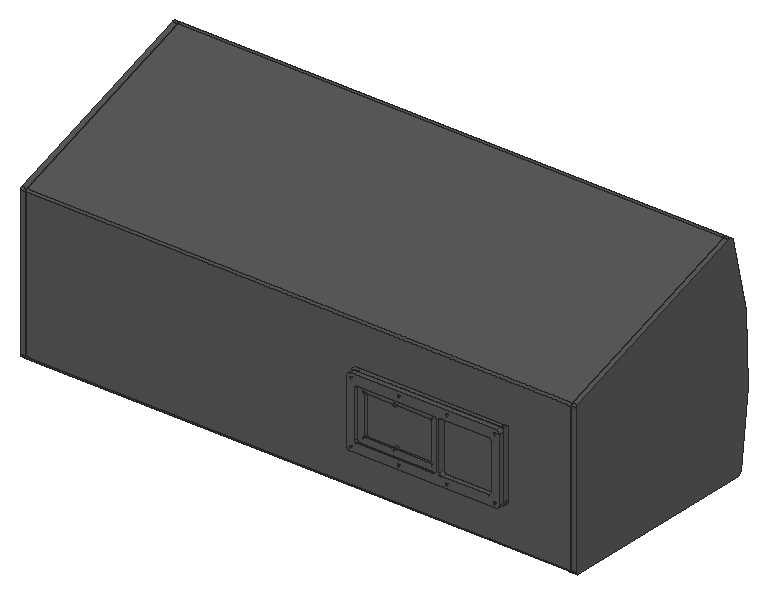
Revit family "EVU-2062", category Communication Devices, Revit 2017 (continued)
Definition of nested family "InputPanel_small"
  Lines and regions (mm)
    model lines, not visible
      curve 384: line (58.11, -9.5, 62.1) -> (58.569, -9.5, 62.938)
      curve 385: line (58.569, -9.5, 62.938) -> (58.729, -9.5, 63.926)
      curve 386: line (58.729, -9.5, 63.926) -> (58.568, -9.5, 64.914)
      curve 387: line (58.568, -9.5, 64.914) -> (58.11, -9.5, 65.752)
      curve 388: line (58.11, -9.5, 65.752) -> (57.423, -9.5, 66.311)
      curve 389: line (57.423, -9.5, 66.311) -> (56.614, -9.5, 66.508)
      curve 390: line (56.614, -9.5, 66.508) -> (55.805, -9.5, 66.311)
      curve 391: line (55.805, -9.5, 66.311) -> (55.118, -9.5, 65.751)
      curve 392: line (55.118, -9.5, 65.751) -> (54.664, -9.5, 64.92)
      curve 393: line (54.66, -9.5, 64.914) -> (54.376, -9.5, 63.925)
      curve 394: line (54.376, -9.5, 63.925) -> (53.684, -9.5, 63.925)
      curve 395: line (53.684, -9.5, 63.925) -> (51.566, -9.5, 63.925)
      curve 396: line (51.566, -9.5, 63.925) -> (51.567, -9.5, 70.15)
      curve 397: line (54.497, -9.5, 82.844) -> (54.658, -9.5, 81.856)
      curve 398: line (54.658, -9.5, 81.856) -> (55.117, -9.5, 81.019)
      curve 399: line (55.117, -9.5, 81.019) -> (55.803, -9.5, 80.459)
      curve 400: line (55.803, -9.5, 80.459) -> (56.612, -9.5, 80.263)
      curve 401: line (56.612, -9.5, 80.263) -> (57.422, -9.5, 80.459)
      curve 402: line (57.422, -9.5, 80.459) -> (58.108, -9.5, 81.019)
      curve 403: line (58.108, -9.5, 81.019) -> (58.566, -9.5, 81.857)
      curve 404: line (58.566, -9.5, 81.857) -> (58.727, -9.5, 82.845)
      curve 405: line (58.727, -9.5, 82.845) -> (58.566, -9.5, 83.833)
      curve 406: line (58.566, -9.5, 83.833) -> (58.107, -9.5, 84.671)
      curve 407: line (58.107, -9.5, 84.671) -> (57.421, -9.5, 85.23)
      curve 408: line (57.421, -9.5, 85.23) -> (56.612, -9.5, 85.427)
      curve 409: line (56.612, -9.5, 85.427) -> (55.802, -9.5, 85.23)
      curve 410: line (55.802, -9.5, 85.23) -> (55.116, -9.5, 84.67)
      curve 411: line (55.116, -9.5, 84.67) -> (54.661, -9.5, 83.839)
      curve 412: line (54.658, -9.5, 83.833) -> (54.374, -9.5, 82.844)
      curve 413: line (54.374, -9.5, 82.844) -> (53.682, -9.5, 82.844)
      curve 414: line (53.682, -9.5, 82.844) -> (51.565, -9.5, 82.844)
      curve 415: line (51.565, -9.5, 82.844) -> (51.565, -9.5, 85.997)
      curve 416: line (54.498, -9.5, 70.232) -> (54.66, -9.5, 69.244)
      curve 417: line (54.66, -9.5, 69.244) -> (55.118, -9.5, 68.406)
      curve 418: line (55.118, -9.5, 68.406) -> (55.804, -9.5, 67.846)
      curve 419: line (55.804, -9.5, 67.846) -> (56.614, -9.5, 67.65)
      curve 420: line (56.614, -9.5, 67.65) -> (57.423, -9.5, 67.847)
      curve 421: line (57.423, -9.5, 67.847) -> (58.109, -9.5, 68.406)
      curve 422: line (58.109, -9.5, 68.406) -> (58.568, -9.5, 69.244)
      curve 423: line (58.568, -9.5, 69.244) -> (58.729, -9.5, 70.232)
      curve 424: line (58.729, -9.5, 70.232) -> (58.568, -9.5, 71.22)
      curve 425: line (58.568, -9.5, 71.22) -> (58.109, -9.5, 72.058)
      curve 426: line (58.109, -9.5, 72.058) -> (57.423, -9.5, 72.618)
      curve 427: line (57.423, -9.5, 72.618) -> (56.613, -9.5, 72.814)
      curve 428: line (56.613, -9.5, 72.814) -> (55.804, -9.5, 72.617)
      curve 429: line (55.804, -9.5, 72.617) -> (55.118, -9.5, 72.058)
      curve 430: line (55.118, -9.5, 72.058) -> (54.663, -9.5, 71.227)
      curve 431: line (54.659, -9.5, 71.22) -> (54.376, -9.5, 70.232)
      curve 432: line (54.376, -9.5, 70.232) -> (53.684, -9.5, 70.232)
      curve 433: line (53.684, -9.5, 70.232) -> (51.566, -9.5, 70.231)
      curve 434: line (51.566, -9.5, 70.231) -> (51.567, -9.5, 76.427)
      curve 435: line (57.428, -9.5, 60.773) -> (57.64, -9.5, 60.773)
      curve 436: line (57.64, -9.5, 60.773) -> (57.64, -9.5, 61.116)
      curve 437: line (57.561, -9.5, 61.254) -> (57.428, -9.5, 61.38)
      curve 438: line (57.428, -9.5, 61.38) -> (57.428, -9.5, 60.773)
      curve 439: line (57.428, -9.5, 60.773) -> (55.801, -9.5, 60.772)
      curve 440: line (55.801, -9.5, 60.772) -> (55.801, -9.5, 61.379)
      curve 441: line (55.8, -9.5, 67.687) -> (55.8, -9.5, 66.472)
      curve 442: line (55.8, -9.5, 73.992) -> (55.8, -9.5, 72.777)
      curve 443: line (55.799, -9.5, 80.299) -> (55.799, -9.5, 79.084)
      curve 444: line (57.425, -9.5, 85.998) -> (57.637, -9.5, 85.998)
      curve 445: line (57.637, -9.5, 85.998) -> (57.637, -9.5, 85.632)
      curve 446: line (57.558, -9.5, 85.516) -> (57.425, -9.5, 85.39)
      curve 447: line (57.425, -9.5, 85.39) -> (57.425, -9.5, 85.998)
      curve 448: line (57.425, -9.5, 85.998) -> (55.798, -9.5, 85.998)
      curve 449: line (55.798, -9.5, 85.998) -> (55.798, -9.5, 85.39)
      curve 450: line (57.638, -9.5, 80.036) -> (57.634, -9.5, 79.358)
      curve 451: line (57.559, -9.5, 79.211) -> (57.426, -9.5, 79.085)
      curve 452: line (57.426, -9.5, 79.085) -> (57.426, -9.5, 80.3)
      curve 453: line (57.426, -9.5, 80.3) -> (57.559, -9.5, 80.173)
      curve 454: line (57.427, -9.5, 73.992) -> (57.427, -9.5, 72.777)
      curve 455: line (57.427, -9.5, 72.777) -> (57.56, -9.5, 72.903)
      curve 456: line (57.638, -9.5, 73.019) -> (57.638, -9.5, 73.728)
      curve 457: line (57.56, -9.5, 73.866) -> (57.427, -9.5, 73.992)
      curve 458: line (57.639, -9.5, 67.423) -> (57.636, -9.5, 66.745)
      curve 459: line (57.561, -9.5, 66.598) -> (57.428, -9.5, 66.472)
      curve 460: line (57.428, -9.5, 66.472) -> (57.427, -9.5, 67.687)
      curve 461: line (57.427, -9.5, 67.687) -> (57.561, -9.5, 67.561)
      curve 462: line (52.991, -9.5, 73.096) -> (55.108, -9.5, 73.096)
      curve 463: line (55.108, -9.5, 73.096) -> (55.108, -9.5, 73.673)
      curve 464: line (55.108, -9.5, 73.673) -> (52.991, -9.5, 73.672)
      curve 465: line (52.991, -9.5, 73.672) -> (52.991, -9.5, 73.096)
      curve 466: line (52.99, -9.5, 79.403) -> (52.99, -9.5, 79.98)
      curve 467: line (52.99, -9.5, 79.98) -> (55.107, -9.5, 79.98)
      curve 468: line (55.107, -9.5, 79.98) -> (55.107, -9.5, 79.404)
      curve 469: line (55.107, -9.5, 79.404) -> (52.99, -9.5, 79.403)
      curve 470: line (52.991, -9.5, 66.791) -> (52.991, -9.5, 67.367)
      curve 471: line (52.991, -9.5, 67.367) -> (55.109, -9.5, 67.367)
      curve 472: line (55.109, -9.5, 67.367) -> (55.109, -9.5, 66.791)
      curve 473: line (55.109, -9.5, 66.791) -> (52.991, -9.5, 66.791)
      curve 474: line (55.107, -9.5, 85.998) -> (52.989, -9.5, 85.997)
      curve 475: line (52.989, -9.5, 85.997) -> (52.989, -9.5, 85.709)
      curve 476: line (52.989, -9.5, 85.709) -> (55.107, -9.5, 85.709)
      curve 477: line (55.107, -9.5, 85.709) -> (55.107, -9.5, 85.998)
      curve 478: line (55.107, -9.5, 85.998) -> (55.798, -9.5, 85.998)
      curve 479: line (55.801, -9.5, 60.772) -> (55.11, -9.5, 60.772)
      curve 480: line (55.11, -9.5, 60.772) -> (55.11, -9.5, 61.06)
      curve 481: line (55.11, -9.5, 61.06) -> (52.992, -9.5, 61.06)
      curve 482: line (52.992, -9.5, 61.06) -> (52.992, -9.5, 60.772)
      curve 483: line (52.992, -9.5, 60.772) -> (55.11, -9.5, 60.772)
      curve 484: line (54.504, -9.5, 76.743) -> (56.298, -9.5, 74.554)
      curve 485: line (56.298, -9.5, 74.554) -> (55.807, -9.5, 74.222)
      curve 486: line (54.503, -9.5, 83.049) -> (56.297, -9.5, 80.86)
      curve 487: line (56.297, -9.5, 80.86) -> (55.806, -9.5, 80.528)
      curve 488: line (54.531, -9.5, 76.998) -> (56.131, -9.5, 75.046)
      curve 489: line (56.131, -9.5, 75.046) -> (56.7, -9.5, 75.046)
      curve 490: line (56.7, -9.5, 75.046) -> (54.662, -9.5, 77.533)
      curve 491: line (54.531, -9.5, 83.304) -> (56.13, -9.5, 81.352)
      curve 492: line (56.13, -9.5, 81.352) -> (56.699, -9.5, 81.352)
      curve 493: line (56.699, -9.5, 81.352) -> (54.661, -9.5, 83.839)
      curve 494: line (54.505, -9.5, 70.437) -> (56.298, -9.5, 68.248)
      curve 495: line (56.298, -9.5, 68.248) -> (55.807, -9.5, 67.915)
      curve 496: line (54.506, -9.5, 64.13) -> (56.299, -9.5, 61.942)
      curve 497: line (56.299, -9.5, 61.942) -> (55.808, -9.5, 61.609)
      curve 498: line (54.533, -9.5, 64.385) -> (56.132, -9.5, 62.433)
      curve 499: line (56.132, -9.5, 62.433) -> (56.702, -9.5, 62.433)
      curve 500: line (56.702, -9.5, 62.433) -> (54.664, -9.5, 64.92)
      curve 501: line (54.532, -9.5, 70.691) -> (56.131, -9.5, 68.739)
      curve 502: line (56.131, -9.5, 68.739) -> (56.701, -9.5, 68.739)
      curve 503: line (56.701, -9.5, 68.739) -> (54.663, -9.5, 71.227)
      curve 504: line (51.568, -9.5, 63.815) -> (51.568, -9.5, 60.772)
      curve 505: line (51.568, -9.5, 60.772) -> (46.145, -9.5, 60.771)
      curve 506: line (46.145, -9.5, 60.771) -> (46.141, -9.5, 85.996)
      curve 507: line (46.141, -9.5, 85.996) -> (51.565, -9.5, 85.997)
      curve 508: line (51.565, -9.5, 85.997) -> (52.989, -9.5, 85.997)
      curve 509: line (52.989, -9.5, 85.997) -> (49.876, -9.5, 86.125)
      curve 510: line (49.876, -9.5, 86.125) -> (49.754, -9.5, 86.302)
      curve 511: line (52.992, -9.5, 60.772) -> (51.568, -9.5, 60.772)
      curve 512: line (45.361, -9.5, 79.392) -> (45.362, -9.5, 73.88)
      curve 513: line (45.362, -9.5, 73.88) -> (41.147, -9.5, 73.88)
      curve 514: line (41.147, -9.5, 73.88) -> (41.146, -9.5, 79.392)
      curve 515: line (41.146, -9.5, 79.392) -> (45.361, -9.5, 79.392)
      curve 516: line (41.146, -9.5, 79.988) -> (41.145, -9.5, 85.499)
      curve 517: line (41.145, -9.5, 85.499) -> (45.36, -9.5, 85.5)
      curve 518: line (45.36, -9.5, 85.5) -> (45.361, -9.5, 79.988)
      curve 519: line (45.361, -9.5, 79.988) -> (41.146, -9.5, 79.988)
      curve 520: line (45.819, -9.5, 60.771) -> (45.816, -9.5, 85.996)
      curve 521: line (45.816, -9.5, 85.996) -> (40.689, -9.5, 85.996)
      curve 522: line (40.689, -9.5, 85.996) -> (40.692, -9.5, 60.771)
      curve 523: line (40.692, -9.5, 60.771) -> (45.819, -9.5, 60.771)
      curve 524: line (45.819, -9.5, 60.771) -> (46.145, -9.5, 60.771)
      curve 525: line (45.363, -9.5, 66.78) -> (45.363, -9.5, 61.268)
      curve 526: line (45.363, -9.5, 61.268) -> (41.148, -9.5, 61.267)
      curve 527: line (41.148, -9.5, 61.267) -> (41.147, -9.5, 66.779)
      curve 528: line (41.147, -9.5, 66.779) -> (45.363, -9.5, 66.78)
      curve 529: line (41.147, -9.5, 67.375) -> (41.147, -9.5, 72.887)
      curve 530: line (41.147, -9.5, 72.887) -> (45.362, -9.5, 72.887)
      curve 531: line (45.362, -9.5, 72.887) -> (45.363, -9.5, 67.375)
      curve 532: line (45.363, -9.5, 67.375) -> (41.147, -9.5, 67.375)
      curve 533: line (45.816, -9.5, 85.996) -> (46.141, -9.5, 85.996)
      curve 534: line (46.141, -9.5, 85.996) -> (42.88, -9.5, 86.124)
      curve 535: line (42.88, -9.5, 86.124) -> (42.758, -9.5, 86.301)
      curve 536: line (42.758, -9.5, 86.301) -> (45.891, -9.5, 86.301)
      curve 537: line (45.891, -9.5, 86.301) -> (46.013, -9.5, 86.124)
      curve 538: line (45.361, -9.5, 78.225) -> (43.953, -9.5, 78.225)
      curve 539: line (43.953, -9.5, 78.225) -> (43.627, -9.5, 78.913)
      curve 540: line (43.627, -9.5, 78.913) -> (43.242, -9.5, 79.392)
      curve 541: line (45.363, -9.5, 65.613) -> (43.954, -9.5, 65.612)
      curve 542: line (43.954, -9.5, 65.612) -> (43.629, -9.5, 66.3)
      curve 543: line (43.629, -9.5, 66.3) -> (43.244, -9.5, 66.779)
      curve 544: line (45.362, -9.5, 68.542) -> (43.954, -9.5, 68.542)
      curve 545: line (43.954, -9.5, 68.542) -> (43.629, -9.5, 67.854)
      curve 546: line (43.629, -9.5, 67.854) -> (43.244, -9.5, 67.375)
      curve 547: line (45.361, -9.5, 81.155) -> (43.952, -9.5, 81.155)
      curve 548: line (43.952, -9.5, 81.155) -> (43.627, -9.5, 80.467)
      curve 549: line (43.627, -9.5, 80.467) -> (43.242, -9.5, 79.988)
      curve 550: line (45.362, -9.5, 71.919) -> (43.954, -9.5, 71.919)
      curve 551: line (43.954, -9.5, 71.919) -> (43.628, -9.5, 72.607)
      curve 552: line (43.628, -9.5, 72.607) -> (43.403, -9.5, 72.887)
      curve 553: line (45.361, -9.5, 84.532) -> (43.952, -9.5, 84.531)
      curve 554: line (43.952, -9.5, 84.531) -> (43.627, -9.5, 85.219)
      curve 555: line (43.627, -9.5, 85.219) -> (43.401, -9.5, 85.5)
      curve 556: line (45.362, -9.5, 74.849) -> (43.953, -9.5, 74.848)
      curve 557: line (43.953, -9.5, 74.848) -> (43.628, -9.5, 74.16)
      curve 558: line (43.403, -9.5, 73.88) -> (43.628, -9.5, 74.16)
      curve 559: line (43.628, -9.5, 74.16) -> (43.627, -9.5, 78.913)
      curve 560: line (45.363, -9.5, 62.236) -> (43.955, -9.5, 62.236)
      curve 561: line (43.955, -9.5, 62.236) -> (43.629, -9.5, 61.548)
      curve 562: line (43.629, -9.5, 61.548) -> (43.629, -9.5, 66.3)
      curve 563: line (43.404, -9.5, 61.267) -> (43.629, -9.5, 61.548)
      curve 564: line (43.954, -9.5, 68.542) -> (43.954, -9.5, 71.919)
      curve 565: line (43.952, -9.5, 81.155) -> (43.952, -9.5, 84.531)
      curve 566: line (43.954, -9.5, 65.612) -> (43.955, -9.5, 62.236)
      curve 567: line (43.953, -9.5, 78.225) -> (43.953, -9.5, 74.848)
      curve 568: line (45.891, -9.5, 86.301) -> (45.891, -9.5, 86.563)
      curve 569: line (45.891, -9.5, 86.563) -> (42.758, -9.5, 86.562)
      curve 570: line (42.758, -9.5, 86.562) -> (42.758, -9.5, 86.301)
      curve 571: line (45.891, -9.5, 86.563) -> (46.472, -9.5, 86.563)
      curve 572: line (46.472, -9.5, 86.563) -> (46.472, -9.5, 86.301)
      curve 573: line (46.472, -9.5, 86.301) -> (46.35, -9.5, 86.124)
      curve 574: line (42.244, -9.5, 79.988) -> (42.243, -9.5, 85.499)
      curve 575: line (42.246, -9.5, 67.375) -> (42.245, -9.5, 72.887)
      curve 576: line (42.246, -9.5, 61.267) -> (42.246, -9.5, 66.779)
      curve 577: line (42.245, -9.5, 73.88) -> (42.244, -9.5, 79.392)
      curve 578: line (43.629, -9.5, 67.854) -> (43.628, -9.5, 72.607)
      curve 579: line (43.627, -9.5, 80.467) -> (43.627, -9.5, 85.219)
      curve 580: line (52.887, -9.5, 86.302) -> (53.009, -9.5, 86.125)
      curve 581: line (52.887, -9.5, 86.563) -> (52.887, -9.5, 86.302)
      curve 582: line (52.887, -9.5, 86.302) -> (49.754, -9.5, 86.302)
      curve 583: line (49.754, -9.5, 86.302) -> (49.754, -9.5, 86.563)
      curve 584: line (49.754, -9.5, 86.563) -> (52.887, -9.5, 86.563)
      curve 585: line (52.887, -9.5, 86.563) -> (53.468, -9.5, 86.563)
      curve 586: line (53.468, -9.5, 86.563) -> (53.468, -9.5, 86.302)
      curve 587: line (53.468, -9.5, 86.302) -> (53.346, -9.5, 86.125)
      curve 588: line (78.97, -9.5, 60.972) -> (78.967, -9.5, 85.803)
      curve 589: line (78.912, -9.5, 85.748) -> (78.915, -9.5, 61.027)
      curve 590: line (77.958, -9.5, 86.812) -> (40.515, -9.5, 86.808)
      curve 591: line (40.57, -9.5, 86.753) -> (77.903, -9.5, 86.757)
      curve 592: line (39.506, -9.5, 85.799) -> (39.509, -9.5, 60.968)
      curve 593: line (39.509, -9.5, 60.97) -> (39.561, -9.5, 85.744)
      curve 594: line (40.518, -9.5, 59.959) -> (77.962, -9.5, 59.963)
      curve 595: line (77.907, -9.5, 60.018) -> (40.573, -9.5, 60.014)
      curve 596: line (61.368, -9.5, 70.233) -> (59.749, -9.5, 70.232)
      curve 597: line (59.749, -9.5, 70.232) -> (59.415, -9.5, 70.232)
      curve 598: line (61.369, -9.5, 63.926) -> (59.75, -9.5, 63.926)
      curve 599: line (59.75, -9.5, 63.926) -> (59.417, -9.5, 63.926)
      curve 600: line (61.367, -9.5, 76.539) -> (59.748, -9.5, 76.539)
      curve 601: line (59.748, -9.5, 76.539) -> (59.415, -9.5, 76.539)
      curve 602: line (61.367, -9.5, 82.845) -> (59.747, -9.5, 82.845)
      curve 603: line (59.747, -9.5, 82.845) -> (59.414, -9.5, 82.845)
      curve 604: line (57.109, -9.5, 76.538) -> (58.728, -9.5, 76.539)
      curve 605: line (58.728, -9.5, 76.539) -> (59.062, -9.5, 76.539)
      curve 606: line (57.108, -9.5, 82.845) -> (58.727, -9.5, 82.845)
      curve 607: line (58.727, -9.5, 82.845) -> (59.06, -9.5, 82.845)
      curve 608: line (57.109, -9.5, 70.232) -> (58.729, -9.5, 70.232)
      curve 609: line (58.729, -9.5, 70.232) -> (59.062, -9.5, 70.232)
      curve 610: line (57.11, -9.5, 63.926) -> (58.729, -9.5, 63.926)
      curve 611: line (58.729, -9.5, 63.926) -> (59.063, -9.5, 63.926)
    model lines
      curve 612: arc (-30.696, -4.337, 30.291) -> (-31.037, -4.337, 28.695) -> (-32.139, -4.337, 27.491) r 3.109
      curve 613: arc (-30.695, -4.337, 42.904) -> (-31.035, -4.337, 41.308) -> (-32.138, -4.337, 40.104) r 3.109
      curve 614: arc (-30.698, -4.337, 23.985) -> (-31.033, -4.337, 22.399) -> (-32.121, -4.337, 21.198) r 3.108
      curve 615: arc (-30.696, -4.337, 36.598) -> (-31.031, -4.337, 35.012) -> (-32.119, -4.337, 33.811) r 3.108
      curve 616: arc (-31.992, -4.337, 33.004) -> (-31.001, -4.337, 31.812) -> (-30.695, -4.337, 30.291) r 3.166
      curve 617: arc (-31.991, -4.337, 45.616) -> (-30.999, -4.337, 44.424) -> (-30.693, -4.337, 42.904) r 3.166
      curve 618: arc (-31.993, -4.337, 26.696) -> (-31.002, -4.337, 25.504) -> (-30.696, -4.337, 23.985) r 3.165
      curve 619: arc (-31.991, -4.337, 39.309) -> (-31.001, -4.337, 38.117) -> (-30.695, -4.337, 36.598) r 3.165
      curve 620: arc (-30.343, -4.337, 36.598) -> (-30.002, -4.337, 38.194) -> (-28.9, -4.337, 39.398) r 3.109
      curve 621: arc (-30.344, -4.337, 23.985) -> (-30.004, -4.337, 25.581) -> (-28.901, -4.337, 26.785) r 3.109
      curve 622: arc (-30.341, -4.337, 42.904) -> (-30.006, -4.337, 44.49) -> (-28.918, -4.337, 45.691) r 3.108
      curve 623: arc (-30.343, -4.337, 30.291) -> (-30.007, -4.337, 31.877) -> (-28.92, -4.337, 33.078) r 3.108
      curve 624: arc (-29.046, -4.337, 33.885) -> (-30.038, -4.337, 35.077) -> (-30.344, -4.337, 36.598) r 3.166
      curve 625: arc (-29.048, -4.337, 21.273) -> (-30.039, -4.337, 22.465) -> (-30.346, -4.337, 23.985) r 3.166
      curve 626: arc (-29.046, -4.337, 40.193) -> (-30.037, -4.337, 41.385) -> (-30.343, -4.337, 42.904) r 3.165
      curve 627: arc (-29.048, -4.337, 27.58) -> (-30.038, -4.337, 28.772) -> (-30.344, -4.337, 30.291) r 3.165
      curve 628: arc (-33.959, -4.337, 27.746) -> (-35.033, -4.337, 28.816) -> (-35.384, -4.337, 30.292) r 2.775
      curve 629: arc (-34.651, -4.337, 27.426) -> (-35.725, -4.337, 28.679) -> (-36.075, -4.337, 30.292) r 3.371
      curve 630: arc (-33.959, -4.337, 27.746) -> (-34.28, -4.337, 27.533) -> (-34.651, -4.337, 27.426) r 1.273
      curve 631: arc (-33.957, -4.337, 40.358) -> (-35.031, -4.337, 41.429) -> (-35.382, -4.337, 42.905) r 2.775
      curve 632: arc (-34.649, -4.337, 40.039) -> (-35.723, -4.337, 41.292) -> (-36.074, -4.337, 42.905) r 3.371
      curve 633: arc (-33.957, -4.337, 40.358) -> (-34.279, -4.337, 40.146) -> (-34.649, -4.337, 40.039) r 1.273
      curve 634: arc (-33.96, -4.337, 21.44) -> (-35.033, -4.337, 22.511) -> (-35.384, -4.337, 23.986) r 2.774
      curve 635: arc (-34.651, -4.337, 21.121) -> (-35.725, -4.337, 22.374) -> (-36.075, -4.337, 23.986) r 3.37
      curve 636: arc (-33.96, -4.337, 21.44) -> (-34.281, -4.337, 21.228) -> (-34.651, -4.337, 21.121) r 1.273
      curve 637: arc (-33.958, -4.337, 34.053) -> (-35.032, -4.337, 35.123) -> (-35.382, -4.337, 36.598) r 2.774
      curve 638: arc (-34.65, -4.337, 33.734) -> (-35.723, -4.337, 34.986) -> (-36.074, -4.337, 36.598) r 3.37
      curve 639: arc (-33.958, -4.337, 34.053) -> (-34.28, -4.337, 33.84) -> (-34.65, -4.337, 33.734) r 1.273
      curve 640: arc (-35.384, -4.337, 30.292) -> (-35.033, -4.337, 31.767) -> (-33.958, -4.337, 32.838) r 2.775
      curve 641: arc (-34.65, -4.337, 33.157) -> (-34.28, -4.337, 33.051) -> (-33.958, -4.337, 32.838) r 1.273
      curve 642: arc (-36.075, -4.337, 30.292) -> (-35.724, -4.337, 31.905) -> (-34.65, -4.337, 33.157) r 3.371
      curve 643: arc (-35.382, -4.337, 42.905) -> (-35.031, -4.337, 44.38) -> (-33.957, -4.337, 45.451) r 2.775
      curve 644: arc (-34.648, -4.337, 45.77) -> (-34.278, -4.337, 45.663) -> (-33.957, -4.337, 45.451) r 1.273
      curve 645: arc (-36.074, -4.337, 42.905) -> (-35.723, -4.337, 44.517) -> (-34.648, -4.337, 45.77) r 3.371
      curve 646: arc (-35.384, -4.337, 23.986) -> (-35.033, -4.337, 25.461) -> (-33.959, -4.337, 26.531) r 2.774
      curve 647: arc (-34.651, -4.337, 26.85) -> (-34.28, -4.337, 26.743) -> (-33.959, -4.337, 26.531) r 1.273
      curve 648: arc (-36.075, -4.337, 23.986) -> (-35.725, -4.337, 25.598) -> (-34.651, -4.337, 26.85) r 3.37
      curve 649: arc (-35.382, -4.337, 36.598) -> (-35.031, -4.337, 38.073) -> (-33.958, -4.337, 39.143) r 2.774
      curve 650: arc (-34.649, -4.337, 39.463) -> (-34.279, -4.337, 39.356) -> (-33.958, -4.337, 39.143) r 1.273
      curve 651: arc (-36.074, -4.337, 36.598) -> (-35.723, -4.337, 38.21) -> (-34.649, -4.337, 39.463) r 3.37
      curve 652: arc (-30.908, -4.337, 23.985) -> (-31.259, -4.337, 22.51) -> (-32.333, -4.337, 21.44) r 2.774
      curve 653: arc (-32.332, -4.337, 26.53) -> (-31.258, -4.337, 25.46) -> (-30.908, -4.337, 23.985) r 2.774
      curve 654: arc (-30.906, -4.337, 30.291) -> (-31.258, -4.337, 28.816) -> (-32.332, -4.337, 27.745) r 2.775
      curve 655: arc (-32.331, -4.337, 32.838) -> (-31.257, -4.337, 31.767) -> (-30.906, -4.337, 30.291) r 2.775
      curve 656: arc (-30.906, -4.337, 36.598) -> (-31.257, -4.337, 35.123) -> (-32.331, -4.337, 34.053) r 2.774
      curve 657: arc (-32.33, -4.337, 39.143) -> (-31.257, -4.337, 38.073) -> (-30.906, -4.337, 36.598) r 2.774
      curve 658: arc (-30.905, -4.337, 42.904) -> (-31.256, -4.337, 41.429) -> (-32.33, -4.337, 40.358) r 2.775
      curve 659: arc (-32.33, -4.337, 45.45) -> (-31.256, -4.337, 44.38) -> (-30.905, -4.337, 42.904) r 2.775
      curve 660: arc (-36.768, -4.337, 27.427) -> (-37.818, -4.337, 28.63) -> (-38.191, -4.337, 30.182) r 3.348
      curve 661: arc (-36.766, -4.337, 40.039) -> (-37.816, -4.337, 41.242) -> (-38.19, -4.337, 42.794) r 3.348
      curve 662: arc (-38.191, -4.337, 30.403) -> (-37.817, -4.337, 31.955) -> (-36.767, -4.337, 33.158) r 3.348
      curve 663: arc (-38.19, -4.337, 43.015) -> (-37.816, -4.337, 44.568) -> (-36.766, -4.337, 45.77) r 3.348
      curve 664: arc (-36.769, -4.337, 21.121) -> (-37.825, -4.337, 22.337) -> (-38.192, -4.337, 23.905) r 3.353
      curve 665: arc (-36.767, -4.337, 33.734) -> (-37.823, -4.337, 34.95) -> (-38.191, -4.337, 36.517) r 3.353
      curve 666: arc (-38.192, -4.337, 24.067) -> (-37.824, -4.337, 25.635) -> (-36.768, -4.337, 26.85) r 3.353
      curve 667: arc (-38.191, -4.337, 36.68) -> (-37.823, -4.337, 38.248) -> (-36.767, -4.337, 39.463) r 3.353
      curve 668: arc (-32.649, -4.337, 30.292) -> (-32.982, -4.337, 28.919) -> (-34.009, -4.337, 27.951) r 2.482
      curve 669: arc (-32.65, -4.337, 23.985) -> (-32.983, -4.337, 22.613) -> (-34.01, -4.337, 21.644) r 2.482
      curve 670: arc (-33.058, -4.337, 25.478) -> (-32.751, -4.337, 24.76) -> (-32.65, -4.337, 23.985) r 2.857
      curve 671: arc (-33.734, -4.337, 25.636) -> (-33.68, -4.337, 25.558) -> (-33.628, -4.337, 25.478) r 2.446
      curve 672: arc (-33.058, -4.337, 31.784) -> (-32.75, -4.337, 31.066) -> (-32.649, -4.337, 30.292) r 2.857
      curve 673: arc (-33.733, -4.337, 31.942) -> (-33.679, -4.337, 31.864) -> (-33.627, -4.337, 31.784) r 2.446
      curve 674: arc (-32.649, -4.337, 36.598) -> (-32.981, -4.337, 35.226) -> (-34.008, -4.337, 34.257) r 2.482
      curve 675: arc (-32.648, -4.337, 42.904) -> (-32.98, -4.337, 41.532) -> (-34.008, -4.337, 40.563) r 2.482
      curve 676: arc (-33.057, -4.337, 38.091) -> (-32.75, -4.337, 37.372) -> (-32.649, -4.337, 36.598) r 2.857
      curve 677: arc (-33.733, -4.337, 38.249) -> (-33.678, -4.337, 38.171) -> (-33.626, -4.337, 38.091) r 2.446
      curve 678: arc (-33.056, -4.337, 44.397) -> (-32.749, -4.337, 43.679) -> (-32.648, -4.337, 42.904) r 2.857
      curve 679: arc (-33.732, -4.337, 44.555) -> (-33.677, -4.337, 44.477) -> (-33.626, -4.337, 44.397) r 2.446
      curve 680: arc (-27.08, -4.337, 39.143) -> (-26.006, -4.337, 38.073) -> (-25.655, -4.337, 36.597) r 2.775
      curve 681: arc (-26.388, -4.337, 39.463) -> (-25.314, -4.337, 38.21) -> (-24.964, -4.337, 36.597) r 3.371
      curve 682: arc (-27.08, -4.337, 39.143) -> (-26.759, -4.337, 39.356) -> (-26.388, -4.337, 39.463) r 1.273
      curve 683: arc (-27.082, -4.337, 26.531) -> (-26.007, -4.337, 25.46) -> (-25.657, -4.337, 23.984) r 2.775
      curve 684: arc (-26.39, -4.337, 26.85) -> (-25.316, -4.337, 25.597) -> (-24.965, -4.337, 23.984) r 3.371
      curve 685: arc (-27.082, -4.337, 26.531) -> (-26.76, -4.337, 26.743) -> (-26.39, -4.337, 26.85) r 1.273
      curve 686: arc (-27.079, -4.337, 45.449) -> (-26.006, -4.337, 44.378) -> (-25.655, -4.337, 42.903) r 2.774
      curve 687: arc (-26.388, -4.337, 45.768) -> (-25.314, -4.337, 44.515) -> (-24.963, -4.337, 42.903) r 3.37
      curve 688: arc (-27.079, -4.337, 45.449) -> (-26.758, -4.337, 45.661) -> (-26.388, -4.337, 45.768) r 1.273
      curve 689: arc (-27.081, -4.337, 32.836) -> (-26.007, -4.337, 31.766) -> (-25.657, -4.337, 30.291) r 2.774
      curve 690: arc (-26.389, -4.337, 33.155) -> (-25.315, -4.337, 31.903) -> (-24.965, -4.337, 30.291) r 3.37
      curve 691: arc (-27.081, -4.337, 32.836) -> (-26.759, -4.337, 33.049) -> (-26.389, -4.337, 33.155) r 1.273
      curve 692: arc (-25.655, -4.337, 36.597) -> (-26.006, -4.337, 35.122) -> (-27.081, -4.337, 34.051) r 2.775
      curve 693: arc (-26.389, -4.337, 33.732) -> (-26.759, -4.337, 33.838) -> (-27.081, -4.337, 34.051) r 1.273
      curve 694: arc (-24.964, -4.337, 36.597) -> (-25.315, -4.337, 34.984) -> (-26.389, -4.337, 33.732) r 3.371
      curve 695: arc (-25.657, -4.337, 23.984) -> (-26.008, -4.337, 22.509) -> (-27.082, -4.337, 21.438) r 2.775
      curve 696: arc (-26.391, -4.337, 21.119) -> (-26.761, -4.337, 21.226) -> (-27.082, -4.337, 21.438) r 1.273
      curve 697: arc (-24.965, -4.337, 23.984) -> (-25.316, -4.337, 22.372) -> (-26.391, -4.337, 21.119) r 3.371
      curve 698: arc (-25.655, -4.337, 42.903) -> (-26.006, -4.337, 41.429) -> (-27.08, -4.337, 40.358) r 2.774
      curve 699: arc (-26.388, -4.337, 40.039) -> (-26.759, -4.337, 40.146) -> (-27.08, -4.337, 40.358) r 1.273
      curve 700: arc (-24.963, -4.337, 42.903) -> (-25.314, -4.337, 41.291) -> (-26.388, -4.337, 40.039) r 3.37
      curve 701: arc (-25.657, -4.337, 30.291) -> (-26.008, -4.337, 28.816) -> (-27.081, -4.337, 27.746) r 2.774
      curve 702: arc (-26.39, -4.337, 27.426) -> (-26.76, -4.337, 27.533) -> (-27.081, -4.337, 27.746) r 1.273
      curve 703: arc (-24.965, -4.337, 30.291) -> (-25.316, -4.337, 28.679) -> (-26.39, -4.337, 27.426) r 3.37
      curve 704: arc (-30.131, -4.337, 42.904) -> (-29.78, -4.337, 44.379) -> (-28.706, -4.337, 45.449) r 2.774
      curve 705: arc (-28.707, -4.337, 40.359) -> (-29.78, -4.337, 41.429) -> (-30.131, -4.337, 42.904) r 2.774
      curve 706: arc (-30.133, -4.337, 36.598) -> (-29.781, -4.337, 38.073) -> (-28.707, -4.337, 39.144) r 2.775
      curve 707: arc (-28.708, -4.337, 34.051) -> (-29.782, -4.337, 35.122) -> (-30.133, -4.337, 36.598) r 2.775
      curve 708: arc (-30.133, -4.337, 30.291) -> (-29.782, -4.337, 31.766) -> (-28.708, -4.337, 32.836) r 2.774
      curve 709: arc (-28.708, -4.337, 27.746) -> (-29.782, -4.337, 28.816) -> (-30.133, -4.337, 30.291) r 2.774
      curve 710: arc (-30.134, -4.337, 23.985) -> (-29.783, -4.337, 25.46) -> (-28.709, -4.337, 26.531) r 2.775
      curve 711: arc (-28.709, -4.337, 21.439) -> (-29.783, -4.337, 22.509) -> (-30.134, -4.337, 23.985) r 2.775
      curve 712: arc (-24.271, -4.337, 39.462) -> (-23.221, -4.337, 38.26) -> (-22.848, -4.337, 36.707) r 3.348
      curve 713: arc (-24.272, -4.337, 26.85) -> (-23.223, -4.337, 25.647) -> (-22.849, -4.337, 24.095) r 3.348
      curve 714: arc (-22.848, -4.337, 36.486) -> (-23.222, -4.337, 34.934) -> (-24.272, -4.337, 33.731) r 3.348
      curve 715: arc (-22.849, -4.337, 23.874) -> (-23.223, -4.337, 22.321) -> (-24.273, -4.337, 21.119) r 3.348
      curve 716: arc (-24.27, -4.337, 45.768) -> (-23.214, -4.337, 44.552) -> (-22.847, -4.337, 42.984) r 3.353
      curve 717: arc (-24.272, -4.337, 33.155) -> (-23.216, -4.337, 31.939) -> (-22.848, -4.337, 30.372) r 3.353
      curve 718: arc (-22.847, -4.337, 42.822) -> (-23.215, -4.337, 41.254) -> (-24.271, -4.337, 40.039) r 3.353
      curve 719: arc (-22.848, -4.337, 30.209) -> (-23.216, -4.337, 28.641) -> (-24.272, -4.337, 27.426) r 3.353
      curve 720: arc (-28.389, -4.337, 42.904) -> (-28.056, -4.337, 44.276) -> (-27.029, -4.337, 45.245) r 2.482
      curve 721: arc (-28.39, -4.337, 36.597) -> (-28.057, -4.337, 37.97) -> (-27.03, -4.337, 38.938) r 2.482
      curve 722: arc (-27.981, -4.337, 35.105) -> (-28.288, -4.337, 35.823) -> (-28.39, -4.337, 36.597) r 2.857
      curve 723: arc (-27.306, -4.337, 34.947) -> (-27.36, -4.337, 35.025) -> (-27.412, -4.337, 35.105) r 2.446
      curve 724: arc (-27.981, -4.337, 41.411) -> (-28.288, -4.337, 42.129) -> (-28.389, -4.337, 42.904) r 2.857
      curve 725: arc (-27.305, -4.337, 41.253) -> (-27.359, -4.337, 41.331) -> (-27.411, -4.337, 41.411) r 2.446
      curve 726: arc (-28.39, -4.337, 30.291) -> (-28.058, -4.337, 31.663) -> (-27.031, -4.337, 32.632) r 2.482
      curve 727: arc (-28.391, -4.337, 23.985) -> (-28.058, -4.337, 25.357) -> (-27.031, -4.337, 26.326) r 2.482
      curve 728: arc (-27.983, -4.337, 22.492) -> (-28.29, -4.337, 23.21) -> (-28.391, -4.337, 23.985) r 2.857
      curve 729: arc (-27.307, -4.337, 22.334) -> (-27.362, -4.337, 22.412) -> (-27.413, -4.337, 22.492) r 2.446
      curve 730: arc (-27.982, -4.337, 28.799) -> (-28.289, -4.337, 29.517) -> (-28.39, -4.337, 30.291) r 2.857
      curve 731: arc (-27.306, -4.337, 28.64) -> (-27.361, -4.337, 28.718) -> (-27.412, -4.337, 28.798) r 2.446
      curve 732: spline (-49.243, -4.337, 20.022) -> (-49.374, -4.337, 20.031) -> (-49.504, -4.337, 20.057) -> (-49.629, -4.337, 20.099) -> (-49.747, -4.337, 20.158) -> (-49.857, -4.337, 20.231) -> (-49.956, -4.337, 20.318) -> (-50.043, -4.337, 20.417) -> (-50.116, -4.337, 20.527) -> (-50.175, -4.337, 20.645) -> (-50.217, -4.337, 20.77) -> (-50.243, -4.337, 20.9) -> (-50.251, -4.337, 21.031)
      curve 733: spline (-50.248, -4.337, 45.862) -> (-50.24, -4.337, 45.994) -> (-50.214, -4.337, 46.124) -> (-50.172, -4.337, 46.249) -> (-50.113, -4.337, 46.367) -> (-50.04, -4.337, 46.477) -> (-49.953, -4.337, 46.576) -> (-49.854, -4.337, 46.663) -> (-49.744, -4.337, 46.736) -> (-49.626, -4.337, 46.794) -> (-49.501, -4.337, 46.837) -> (-49.371, -4.337, 46.863) -> (-49.239, -4.337, 46.871)
      curve 734: spline (-11.796, -4.337, 46.867) -> (-11.664, -4.337, 46.858) -> (-11.535, -4.337, 46.832) -> (-11.41, -4.337, 46.79) -> (-11.291, -4.337, 46.731) -> (-11.182, -4.337, 46.658) -> (-11.082, -4.337, 46.571) -> (-10.995, -4.337, 46.472) -> (-10.922, -4.337, 46.362) -> (-10.864, -4.337, 46.244) -> (-10.821, -4.337, 46.119) -> (-10.796, -4.337, 45.989) -> (-10.787, -4.337, 45.858)
      curve 735: spline (-10.79, -4.337, 21.029) -> (-10.798, -4.337, 20.897) -> (-10.824, -4.337, 20.767) -> (-10.866, -4.337, 20.642) -> (-10.925, -4.337, 20.523) -> (-10.998, -4.337, 20.413) -> (-11.085, -4.337, 20.314) -> (-11.184, -4.337, 20.227) -> (-11.294, -4.337, 20.153) -> (-11.412, -4.337, 20.095) -> (-11.538, -4.337, 20.052) -> (-11.667, -4.337, 20.026) -> (-11.799, -4.337, 20.018)
      curve 736: spline (-11.851, -4.337, 46.812) -> (-11.719, -4.337, 46.803) -> (-11.59, -4.337, 46.777) -> (-11.465, -4.337, 46.735) -> (-11.346, -4.337, 46.676) -> (-11.237, -4.337, 46.603) -> (-11.137, -4.337, 46.516) -> (-11.05, -4.337, 46.417) -> (-10.977, -4.337, 46.307) -> (-10.919, -4.337, 46.189) -> (-10.876, -4.337, 46.064) -> (-10.851, -4.337, 45.934) -> (-10.842, -4.337, 45.803)
      curve 737: spline (-10.845, -4.337, 21.082) -> (-10.854, -4.337, 20.95) -> (-10.879, -4.337, 20.82) -> (-10.922, -4.337, 20.696) -> (-10.98, -4.337, 20.577) -> (-11.054, -4.337, 20.467) -> (-11.141, -4.337, 20.368) -> (-11.24, -4.337, 20.281) -> (-11.35, -4.337, 20.208) -> (-11.468, -4.337, 20.15) -> (-11.593, -4.337, 20.107) -> (-11.722, -4.337, 20.081) -> (-11.854, -4.337, 20.073)
      curve 738: spline (-50.193, -4.337, 45.807) -> (-50.185, -4.337, 45.939) -> (-50.159, -4.337, 46.069) -> (-50.117, -4.337, 46.194) -> (-50.058, -4.337, 46.312) -> (-49.985, -4.337, 46.422) -> (-49.898, -4.337, 46.521) -> (-49.799, -4.337, 46.608) -> (-49.689, -4.337, 46.681) -> (-49.571, -4.337, 46.739) -> (-49.446, -4.337, 46.782) -> (-49.316, -4.337, 46.808) -> (-49.184, -4.337, 46.816)
      curve 739: spline (-49.188, -4.337, 20.077) -> (-49.319, -4.337, 20.086) -> (-49.449, -4.337, 20.112) -> (-49.574, -4.337, 20.154) -> (-49.692, -4.337, 20.213) -> (-49.802, -4.337, 20.286) -> (-49.901, -4.337, 20.373) -> (-49.988, -4.337, 20.472) -> (-50.061, -4.337, 20.582) -> (-50.12, -4.337, 20.7) -> (-50.162, -4.337, 20.825) -> (-50.188, -4.337, 20.955) -> (-50.196, -4.337, 21.086)
      curve 740: line (-35.26, -4.337, 30.292) -> (-35.099, -4.337, 31.28)
      curve 741: line (-35.099, -4.337, 31.28) -> (-34.641, -4.337, 32.118)
      curve 742: line (-34.641, -4.337, 32.118) -> (-33.954, -4.337, 32.677)
      curve 743: line (-33.954, -4.337, 32.677) -> (-33.145, -4.337, 32.874)
      curve 744: line (-33.145, -4.337, 32.874) -> (-32.335, -4.337, 32.677)
      curve 745: line (-32.335, -4.337, 32.677) -> (-31.649, -4.337, 32.117)
      curve 746: line (-31.649, -4.337, 32.117) -> (-31.191, -4.337, 31.28)
      curve 747: line (-31.191, -4.337, 31.28) -> (-31.03, -4.337, 30.291)
      curve 748: line (-31.03, -4.337, 30.291) -> (-31.191, -4.337, 29.303)
      curve 749: line (-31.191, -4.337, 29.303) -> (-31.65, -4.337, 28.466)
      curve 750: line (-31.65, -4.337, 28.466) -> (-32.336, -4.337, 27.906)
      curve 751: line (-32.336, -4.337, 27.906) -> (-33.145, -4.337, 27.71)
      curve 752: line (-33.145, -4.337, 27.71) -> (-33.955, -4.337, 27.906)
      curve 753: line (-33.955, -4.337, 27.906) -> (-34.641, -4.337, 28.466)
      curve 754: line (-34.641, -4.337, 28.466) -> (-35.096, -4.337, 29.297)
      curve 755: line (-35.099, -4.337, 29.304) -> (-35.384, -4.337, 30.292)
      curve 756: line (-35.384, -4.337, 30.292) -> (-36.075, -4.337, 30.292)
      curve 757: line (-36.075, -4.337, 30.292) -> (-38.193, -4.337, 30.292)
      curve 758: line (-38.193, -4.337, 30.292) -> (-38.192, -4.337, 24.067)
      curve 759: line (-35.259, -4.337, 42.905) -> (-35.098, -4.337, 43.893)
      curve 760: line (-35.098, -4.337, 43.893) -> (-34.639, -4.337, 44.73)
      curve 761: line (-34.639, -4.337, 44.73) -> (-33.953, -4.337, 45.29)
      curve 762: line (-33.953, -4.337, 45.29) -> (-33.143, -4.337, 45.486)
      curve 763: line (-33.143, -4.337, 45.486) -> (-32.334, -4.337, 45.29)
      curve 764: line (-32.334, -4.337, 45.29) -> (-31.648, -4.337, 44.73)
      curve 765: line (-31.648, -4.337, 44.73) -> (-31.189, -4.337, 43.892)
      curve 766: line (-31.189, -4.337, 43.892) -> (-31.028, -4.337, 42.904)
      curve 767: line (-31.028, -4.337, 42.904) -> (-31.19, -4.337, 41.916)
      curve 768: line (-31.19, -4.337, 41.916) -> (-31.648, -4.337, 41.078)
      curve 769: line (-31.648, -4.337, 41.078) -> (-32.334, -4.337, 40.519)
      curve 770: line (-32.334, -4.337, 40.519) -> (-33.144, -4.337, 40.322)
      curve 771: line (-33.144, -4.337, 40.322) -> (-33.953, -4.337, 40.519)
      curve 772: line (-33.953, -4.337, 40.519) -> (-34.639, -4.337, 41.079)
      curve 773: line (-34.639, -4.337, 41.079) -> (-35.094, -4.337, 41.91)
      curve 774: line (-35.098, -4.337, 41.916) -> (-35.382, -4.337, 42.905)
      curve 775: line (-35.382, -4.337, 42.905) -> (-36.074, -4.337, 42.905)
      curve 776: line (-36.074, -4.337, 42.905) -> (-38.191, -4.337, 42.905)
      curve 777: line (-38.191, -4.337, 42.905) -> (-38.191, -4.337, 36.68)
      curve 778: line (-35.261, -4.337, 23.986) -> (-35.1, -4.337, 24.974)
      curve 779: line (-35.1, -4.337, 24.974) -> (-34.641, -4.337, 25.811)
      curve 780: line (-34.641, -4.337, 25.811) -> (-33.955, -4.337, 26.371)
      curve 781: line (-33.955, -4.337, 26.371) -> (-33.146, -4.337, 26.567)
      curve 782: line (-33.146, -4.337, 26.567) -> (-32.336, -4.337, 26.371)
      curve 783: line (-32.336, -4.337, 26.371) -> (-31.65, -4.337, 25.811)
      curve 784: line (-31.65, -4.337, 25.811) -> (-31.192, -4.337, 24.973)
      curve 785: line (-31.192, -4.337, 24.973) -> (-31.031, -4.337, 23.985)
      curve 786: line (-31.031, -4.337, 23.985) -> (-31.192, -4.337, 22.997)
      curve 787: line (-31.192, -4.337, 22.997) -> (-31.65, -4.337, 22.159)
      curve 788: line (-31.65, -4.337, 22.159) -> (-32.337, -4.337, 21.6)
      curve 789: line (-32.337, -4.337, 21.6) -> (-33.146, -4.337, 21.403)
      curve 790: line (-33.146, -4.337, 21.403) -> (-33.956, -4.337, 21.6)
      curve 791: line (-33.956, -4.337, 21.6) -> (-34.642, -4.337, 22.16)
      curve 792: line (-34.642, -4.337, 22.16) -> (-35.096, -4.337, 22.991)
      curve 793: line (-35.1, -4.337, 22.997) -> (-35.384, -4.337, 23.986)
      curve 794: line (-35.384, -4.337, 23.986) -> (-36.075, -4.337, 23.986)
      curve 795: line (-36.075, -4.337, 23.986) -> (-38.193, -4.337, 23.986)
      curve 796: line (-38.193, -4.337, 23.986) -> (-38.192, -4.337, 20.833)
      curve 797: line (-38.192, -4.337, 20.833) -> (-36.769, -4.337, 20.833)
      curve 798: line (-36.769, -4.337, 20.833) -> (-39.881, -4.337, 20.705)
      curve 799: line (-39.881, -4.337, 20.705) -> (-40.003, -4.337, 20.528)
      curve 800: line (-40.003, -4.337, 20.528) -> (-36.871, -4.337, 20.528)
      curve 801: line (-36.871, -4.337, 20.528) -> (-36.749, -4.337, 20.705)
      curve 802: line (-35.259, -4.337, 36.598) -> (-35.098, -4.337, 37.586)
      curve 803: line (-35.098, -4.337, 37.586) -> (-34.64, -4.337, 38.424)
      curve 804: line (-34.64, -4.337, 38.424) -> (-33.953, -4.337, 38.984)
      curve 805: line (-33.953, -4.337, 38.984) -> (-33.144, -4.337, 39.18)
      curve 806: line (-33.144, -4.337, 39.18) -> (-32.335, -4.337, 38.983)
      curve 807: line (-32.335, -4.337, 38.983) -> (-31.648, -4.337, 38.424)
      curve 808: line (-31.648, -4.337, 38.424) -> (-31.19, -4.337, 37.586)
      curve 809: line (-31.19, -4.337, 37.586) -> (-31.029, -4.337, 36.598)
      curve 810: line (-31.029, -4.337, 36.598) -> (-31.19, -4.337, 35.61)
      curve 811: line (-31.19, -4.337, 35.61) -> (-31.649, -4.337, 34.772)
      curve 812: line (-31.649, -4.337, 34.772) -> (-32.335, -4.337, 34.212)
      curve 813: line (-32.335, -4.337, 34.212) -> (-33.145, -4.337, 34.016)
      curve 814: line (-33.145, -4.337, 34.016) -> (-33.954, -4.337, 34.213)
      curve 815: line (-33.954, -4.337, 34.213) -> (-34.64, -4.337, 34.772)
      curve 816: line (-34.64, -4.337, 34.772) -> (-35.095, -4.337, 35.603)
      curve 817: line (-35.099, -4.337, 35.61) -> (-35.382, -4.337, 36.598)
      curve 818: line (-35.382, -4.337, 36.598) -> (-36.074, -4.337, 36.598)
      curve 819: line (-36.074, -4.337, 36.598) -> (-38.191, -4.337, 36.599)
      curve 820: line (-38.191, -4.337, 36.599) -> (-38.191, -4.337, 30.403)
      curve 821: line (-32.33, -4.337, 46.057) -> (-32.118, -4.337, 46.057)
      curve 822: line (-32.118, -4.337, 46.057) -> (-32.118, -4.337, 45.714)
      curve 823: line (-32.197, -4.337, 45.576) -> (-32.33, -4.337, 45.45)
      curve 824: line (-32.33, -4.337, 45.45) -> (-32.33, -4.337, 46.057)
      curve 825: line (-32.33, -4.337, 46.057) -> (-33.957, -4.337, 46.058)
      curve 826: line (-33.957, -4.337, 46.058) -> (-33.957, -4.337, 45.451)
      curve 827: line (-33.958, -4.337, 39.143) -> (-33.957, -4.337, 40.358)
      curve 828: line (-33.958, -4.337, 32.838) -> (-33.958, -4.337, 34.053)
      curve 829: line (-33.959, -4.337, 26.531) -> (-33.959, -4.337, 27.746)
      curve 830: line (-32.333, -4.337, 20.832) -> (-32.121, -4.337, 20.832)
      curve 831: line (-32.121, -4.337, 20.832) -> (-32.121, -4.337, 21.198)
      curve 832: line (-32.2, -4.337, 21.314) -> (-32.333, -4.337, 21.44)
      curve 833: line (-32.333, -4.337, 21.44) -> (-32.333, -4.337, 20.832)
      curve 834: line (-32.333, -4.337, 20.832) -> (-33.96, -4.337, 20.832)
      curve 835: line (-33.96, -4.337, 20.832) -> (-33.96, -4.337, 21.44)
      curve 836: line (-32.12, -4.337, 26.794) -> (-32.123, -4.337, 27.472)
      curve 837: line (-32.199, -4.337, 27.619) -> (-32.332, -4.337, 27.745)
      curve 838: line (-32.332, -4.337, 27.745) -> (-32.332, -4.337, 26.53)
      curve 839: line (-32.332, -4.337, 26.53) -> (-32.199, -4.337, 26.657)
      curve 840: line (-32.331, -4.337, 32.838) -> (-32.331, -4.337, 34.053)
      curve 841: line (-32.331, -4.337, 34.053) -> (-32.198, -4.337, 33.927)
      curve 842: line (-32.119, -4.337, 33.811) -> (-32.119, -4.337, 33.102)
      curve 843: line (-32.198, -4.337, 32.964) -> (-32.331, -4.337, 32.838)
      curve 844: line (-32.119, -4.337, 39.407) -> (-32.122, -4.337, 40.085)
      curve 845: line (-32.197, -4.337, 40.232) -> (-32.33, -4.337, 40.358)
      curve 846: line (-32.33, -4.337, 40.358) -> (-32.33, -4.337, 39.143)
      curve 847: line (-32.33, -4.337, 39.143) -> (-32.197, -4.337, 39.269)
      curve 848: line (-36.767, -4.337, 33.734) -> (-34.65, -4.337, 33.734)
      curve 849: line (-34.65, -4.337, 33.734) -> (-34.65, -4.337, 33.157)
      curve 850: line (-34.65, -4.337, 33.157) -> (-36.767, -4.337, 33.158)
      curve 851: line (-36.767, -4.337, 33.158) -> (-36.767, -4.337, 33.734)
      curve 852: line (-36.768, -4.337, 27.427) -> (-36.768, -4.337, 26.85)
      curve 853: line (-36.768, -4.337, 26.85) -> (-34.651, -4.337, 26.85)
      curve 854: line (-34.651, -4.337, 26.85) -> (-34.651, -4.337, 27.426)
      curve 855: line (-34.651, -4.337, 27.426) -> (-36.768, -4.337, 27.427)
      curve 856: line (-36.766, -4.337, 40.039) -> (-36.767, -4.337, 39.463)
      curve 857: line (-36.767, -4.337, 39.463) -> (-34.649, -4.337, 39.463)
      curve 858: line (-34.649, -4.337, 39.463) -> (-34.649, -4.337, 40.039)
      curve 859: line (-34.649, -4.337, 40.039) -> (-36.766, -4.337, 40.039)
      curve 860: line (-34.651, -4.337, 20.832) -> (-36.769, -4.337, 20.833)
      curve 861: line (-36.769, -4.337, 20.833) -> (-36.769, -4.337, 21.121)
      curve 862: line (-36.769, -4.337, 21.121) -> (-34.651, -4.337, 21.121)
      curve 863: line (-34.651, -4.337, 21.121) -> (-34.651, -4.337, 20.832)
      curve 864: line (-34.651, -4.337, 20.832) -> (-33.96, -4.337, 20.832)
      curve 865: line (-33.957, -4.337, 46.058) -> (-34.648, -4.337, 46.058)
      curve 866: line (-34.648, -4.337, 46.058) -> (-34.648, -4.337, 45.77)
      curve 867: line (-34.648, -4.337, 45.77) -> (-36.766, -4.337, 45.77)
      curve 868: line (-36.766, -4.337, 45.77) -> (-36.766, -4.337, 46.058)
      curve 869: line (-36.766, -4.337, 46.058) -> (-34.648, -4.337, 46.058)
      curve 870: line (-35.254, -4.337, 23.781) -> (-33.461, -4.337, 25.97)
      curve 871: line (-33.461, -4.337, 25.97) -> (-33.952, -4.337, 26.302)
      curve 872: line (-35.254, -4.337, 30.087) -> (-33.46, -4.337, 32.276)
      curve 873: line (-33.46, -4.337, 32.276) -> (-33.951, -4.337, 32.608)
      curve 874: line (-35.227, -4.337, 23.526) -> (-33.628, -4.337, 25.478)
      curve 875: line (-33.628, -4.337, 25.478) -> (-33.058, -4.337, 25.478)
      curve 876: line (-33.058, -4.337, 25.478) -> (-35.096, -4.337, 22.991)
      curve 877: line (-35.227, -4.337, 29.832) -> (-33.627, -4.337, 31.784)
      curve 878: line (-33.627, -4.337, 31.784) -> (-33.058, -4.337, 31.784)
      curve 879: line (-33.058, -4.337, 31.784) -> (-35.096, -4.337, 29.297)
      curve 880: line (-35.226, -4.337, 36.139) -> (-33.626, -4.337, 38.091)
      curve 881: line (-33.626, -4.337, 38.091) -> (-33.057, -4.337, 38.091)
      curve 882: line (-33.057, -4.337, 38.091) -> (-35.095, -4.337, 35.603)
      curve 883: line (-35.253, -4.337, 36.393) -> (-33.459, -4.337, 38.582)
      curve 884: line (-33.459, -4.337, 38.582) -> (-33.95, -4.337, 38.915)
      curve 885: line (-35.252, -4.337, 42.7) -> (-33.459, -4.337, 44.888)
      curve 886: line (-33.459, -4.337, 44.888) -> (-33.95, -4.337, 45.221)
      curve 887: line (-35.225, -4.337, 42.445) -> (-33.626, -4.337, 44.397)
      curve 888: line (-33.626, -4.337, 44.397) -> (-33.056, -4.337, 44.397)
      curve 889: line (-33.056, -4.337, 44.397) -> (-35.094, -4.337, 41.91)
      curve 890: line (-38.19, -4.337, 43.015) -> (-38.189, -4.337, 46.058)
      curve 891: line (-38.189, -4.337, 46.058) -> (-43.613, -4.337, 46.059)
      curve 892: line (-43.613, -4.337, 46.059) -> (-43.616, -4.337, 20.834)
      curve 893: line (-43.616, -4.337, 20.834) -> (-38.192, -4.337, 20.833)
      curve 894: line (-36.766, -4.337, 46.058) -> (-38.189, -4.337, 46.058)
      curve 895: line (-43.613, -4.337, 46.059) -> (-43.939, -4.337, 46.059)
      curve 896: line (-43.939, -4.337, 46.059) -> (-43.942, -4.337, 20.834)
      curve 897: line (-43.942, -4.337, 20.834) -> (-43.616, -4.337, 20.834)
      curve 898: line (-43.616, -4.337, 20.834) -> (-43.745, -4.337, 20.706)
      curve 899: line (-43.745, -4.337, 20.706) -> (-43.867, -4.337, 20.529)
      curve 900: line (-44.397, -4.337, 27.438) -> (-44.396, -4.337, 32.95)
      curve 901: line (-44.396, -4.337, 32.95) -> (-48.611, -4.337, 32.95)
      curve 902: line (-48.611, -4.337, 32.95) -> (-48.612, -4.337, 27.438)
      curve 903: line (-48.612, -4.337, 27.438) -> (-44.397, -4.337, 27.438)
      curve 904: line (-48.612, -4.337, 26.842) -> (-48.613, -4.337, 21.331)
      curve 905: line (-48.613, -4.337, 21.331) -> (-44.397, -4.337, 21.33)
      curve 906: line (-44.397, -4.337, 21.33) -> (-44.397, -4.337, 26.842)
      curve 907: line (-44.397, -4.337, 26.842) -> (-48.612, -4.337, 26.842)
      curve 908: line (-43.942, -4.337, 20.834) -> (-49.068, -4.337, 20.834)
      curve 909: line (-49.068, -4.337, 20.834) -> (-49.065, -4.337, 46.059)
      curve 910: line (-49.065, -4.337, 46.059) -> (-43.939, -4.337, 46.059)
      curve 911: line (-44.395, -4.337, 40.05) -> (-44.395, -4.337, 45.562)
      curve 912: line (-44.395, -4.337, 45.562) -> (-48.61, -4.337, 45.563)
      curve 913: line (-48.61, -4.337, 45.563) -> (-48.61, -4.337, 40.051)
      curve 914: line (-48.61, -4.337, 40.051) -> (-44.395, -4.337, 40.05)
      curve 915: line (-48.611, -4.337, 39.455) -> (-48.611, -4.337, 33.943)
      curve 916: line (-48.611, -4.337, 33.943) -> (-44.396, -4.337, 33.943)
      curve 917: line (-44.396, -4.337, 33.943) -> (-44.395, -4.337, 39.455)
      curve 918: line (-44.395, -4.337, 39.455) -> (-48.611, -4.337, 39.455)
      curve 919: line (-44.395, -4.337, 41.217) -> (-45.804, -4.337, 41.218)
      curve 920: line (-45.804, -4.337, 41.218) -> (-46.129, -4.337, 40.53)
      curve 921: line (-46.129, -4.337, 40.53) -> (-46.514, -4.337, 40.051)
      curve 922: line (-44.397, -4.337, 28.605) -> (-45.805, -4.337, 28.605)
      curve 923: line (-45.805, -4.337, 28.605) -> (-46.131, -4.337, 27.917)
      curve 924: line (-46.131, -4.337, 27.917) -> (-46.516, -4.337, 27.438)
      curve 925: line (-44.395, -4.337, 38.288) -> (-45.804, -4.337, 38.288)
      curve 926: line (-45.804, -4.337, 38.288) -> (-46.129, -4.337, 38.976)
      curve 927: line (-46.129, -4.337, 38.976) -> (-46.514, -4.337, 39.455)
      curve 928: line (-44.397, -4.337, 25.675) -> (-45.805, -4.337, 25.675)
      curve 929: line (-45.805, -4.337, 25.675) -> (-46.131, -4.337, 26.363)
      curve 930: line (-46.131, -4.337, 26.363) -> (-46.516, -4.337, 26.842)
      curve 931: line (-44.397, -4.337, 22.298) -> (-45.806, -4.337, 22.299)
      curve 932: line (-45.806, -4.337, 22.299) -> (-46.131, -4.337, 21.611)
      curve 933: line (-46.131, -4.337, 21.611) -> (-46.357, -4.337, 21.33)
      curve 934: line (-44.396, -4.337, 34.911) -> (-45.804, -4.337, 34.911)
      curve 935: line (-45.804, -4.337, 34.911) -> (-46.13, -4.337, 34.223)
      curve 936: line (-46.13, -4.337, 34.223) -> (-46.355, -4.337, 33.943)
      curve 937: line (-44.396, -4.337, 31.981) -> (-45.805, -4.337, 31.982)
      curve 938: line (-45.805, -4.337, 31.982) -> (-46.13, -4.337, 32.67)
      curve 939: line (-46.355, -4.337, 32.95) -> (-46.13, -4.337, 32.67)
      curve 940: line (-46.13, -4.337, 32.67) -> (-46.131, -4.337, 27.917)
      curve 941: line (-44.395, -4.337, 44.594) -> (-45.803, -4.337, 44.594)
      curve 942: line (-45.803, -4.337, 44.594) -> (-46.128, -4.337, 45.282)
      curve 943: line (-46.128, -4.337, 45.282) -> (-46.129, -4.337, 40.53)
      curve 944: line (-46.354, -4.337, 45.563) -> (-46.128, -4.337, 45.282)
      curve 945: line (-45.805, -4.337, 25.675) -> (-45.806, -4.337, 22.299)
      curve 946: line (-45.804, -4.337, 38.288) -> (-45.804, -4.337, 34.911)
      curve 947: line (-45.805, -4.337, 28.605) -> (-45.805, -4.337, 31.982)
      curve 948: line (-45.804, -4.337, 41.218) -> (-45.803, -4.337, 44.594)
      curve 949: line (-43.867, -4.337, 20.267) -> (-47, -4.337, 20.268)
      curve 950: line (-47, -4.337, 20.268) -> (-47, -4.337, 20.529)
      curve 951: line (-47, -4.337, 20.529) -> (-43.867, -4.337, 20.529)
      curve 952: line (-43.867, -4.337, 20.529) -> (-43.867, -4.337, 20.267)
      curve 953: line (-43.867, -4.337, 20.267) -> (-43.286, -4.337, 20.267)
      curve 954: line (-43.286, -4.337, 20.267) -> (-43.286, -4.337, 20.529)
      curve 955: line (-43.286, -4.337, 20.529) -> (-43.408, -4.337, 20.833)
      curve 956: line (-43.745, -4.337, 20.706) -> (-46.878, -4.337, 20.706)
      curve 957: line (-46.878, -4.337, 20.706) -> (-47, -4.337, 20.529)
      curve 958: line (-47.514, -4.337, 26.842) -> (-47.514, -4.337, 21.331)
      curve 959: line (-47.512, -4.337, 39.455) -> (-47.513, -4.337, 33.943)
      curve 960: line (-47.513, -4.337, 32.95) -> (-47.514, -4.337, 27.438)
      curve 961: line (-47.512, -4.337, 45.563) -> (-47.512, -4.337, 40.051)
      curve 962: line (-46.131, -4.337, 26.363) -> (-46.131, -4.337, 21.611)
      curve 963: line (-46.129, -4.337, 38.976) -> (-46.13, -4.337, 34.223)
      curve 964: line (-36.871, -4.337, 20.528) -> (-36.871, -4.337, 20.267)
      curve 965: line (-36.871, -4.337, 20.267) -> (-36.29, -4.337, 20.267)
      curve 966: line (-36.29, -4.337, 20.267) -> (-36.29, -4.337, 20.528)
      curve 967: line (-36.29, -4.337, 20.528) -> (-36.412, -4.337, 20.705)
      curve 968: line (-36.871, -4.337, 20.267) -> (-40.004, -4.337, 20.267)
      curve 969: line (-40.004, -4.337, 20.267) -> (-40.003, -4.337, 20.528)
      curve 970: line (-25.779, -4.337, 36.597) -> (-25.94, -4.337, 35.609)
      curve 971: line (-25.94, -4.337, 35.609) -> (-26.398, -4.337, 34.771)
      curve 972: line (-26.398, -4.337, 34.771) -> (-27.085, -4.337, 34.212)
      curve 973: line (-27.085, -4.337, 34.212) -> (-27.894, -4.337, 34.015)
      curve 974: line (-27.894, -4.337, 34.015) -> (-28.704, -4.337, 34.212)
      curve 975: line (-28.704, -4.337, 34.212) -> (-29.39, -4.337, 34.772)
      curve 976: line (-29.39, -4.337, 34.772) -> (-29.848, -4.337, 35.609)
      curve 977: line (-29.848, -4.337, 35.609) -> (-30.009, -4.337, 36.598)
      curve 978: line (-30.009, -4.337, 36.598) -> (-29.848, -4.337, 37.586)
      curve 979: line (-29.848, -4.337, 37.586) -> (-29.389, -4.337, 38.423)
      curve 980: line (-29.389, -4.337, 38.423) -> (-28.703, -4.337, 38.983)
      curve 981: line (-28.703, -4.337, 38.983) -> (-27.894, -4.337, 39.179)
      curve 982: line (-27.894, -4.337, 39.179) -> (-27.084, -4.337, 38.983)
      curve 983: line (-27.084, -4.337, 38.983) -> (-26.398, -4.337, 38.423)
      curve 984: line (-26.398, -4.337, 38.423) -> (-25.943, -4.337, 37.592)
      curve 985: line (-25.94, -4.337, 37.585) -> (-25.655, -4.337, 36.597)
      curve 986: line (-25.655, -4.337, 36.597) -> (-24.964, -4.337, 36.597)
      curve 987: line (-24.964, -4.337, 36.597) -> (-22.846, -4.337, 36.597)
      curve 988: line (-22.846, -4.337, 36.597) -> (-22.847, -4.337, 42.822)
      curve 989: line (-25.78, -4.337, 23.984) -> (-25.941, -4.337, 22.996)
      curve 990: line (-25.941, -4.337, 22.996) -> (-26.4, -4.337, 22.159)
      curve 991: line (-26.4, -4.337, 22.159) -> (-27.086, -4.337, 21.599)
      curve 992: line (-27.086, -4.337, 21.599) -> (-27.896, -4.337, 21.403)
      curve 993: line (-27.896, -4.337, 21.403) -> (-28.705, -4.337, 21.599)
      curve 994: line (-28.705, -4.337, 21.599) -> (-29.391, -4.337, 22.159)
      curve 995: line (-29.391, -4.337, 22.159) -> (-29.85, -4.337, 22.997)
      curve 996: line (-29.85, -4.337, 22.997) -> (-30.011, -4.337, 23.985)
      curve 997: line (-30.011, -4.337, 23.985) -> (-29.849, -4.337, 24.973)
      curve 998: line (-29.849, -4.337, 24.973) -> (-29.391, -4.337, 25.811)
      curve 999: line (-29.391, -4.337, 25.811) -> (-28.705, -4.337, 26.37)
      curve 1000: line (-28.705, -4.337, 26.37) -> (-27.895, -4.337, 26.567)
      curve 1001: line (-27.895, -4.337, 26.567) -> (-27.086, -4.337, 26.37)
      curve 1002: line (-27.086, -4.337, 26.37) -> (-26.4, -4.337, 25.81)
      curve 1003: line (-26.4, -4.337, 25.81) -> (-25.945, -4.337, 24.979)
      curve 1004: line (-25.941, -4.337, 24.973) -> (-25.657, -4.337, 23.984)
      curve 1005: line (-25.657, -4.337, 23.984) -> (-24.965, -4.337, 23.984)
      curve 1006: line (-24.965, -4.337, 23.984) -> (-22.847, -4.337, 23.984)
      curve 1007: line (-22.847, -4.337, 23.984) -> (-22.848, -4.337, 30.209)
      curve 1008: line (-25.778, -4.337, 42.903) -> (-25.939, -4.337, 41.915)
      curve 1009: line (-25.939, -4.337, 41.915) -> (-26.398, -4.337, 41.078)
      curve 1010: line (-26.398, -4.337, 41.078) -> (-27.084, -4.337, 40.518)
      curve 1011: line (-27.084, -4.337, 40.518) -> (-27.893, -4.337, 40.322)
      curve 1012: line (-27.893, -4.337, 40.322) -> (-28.703, -4.337, 40.518)
      curve 1013: line (-28.703, -4.337, 40.518) -> (-29.389, -4.337, 41.078)
      curve 1014: line (-29.389, -4.337, 41.078) -> (-29.847, -4.337, 41.916)
      curve 1015: line (-29.847, -4.337, 41.916) -> (-30.008, -4.337, 42.904)
      curve 1016: line (-30.008, -4.337, 42.904) -> (-29.847, -4.337, 43.892)
      curve 1017: line (-29.847, -4.337, 43.892) -> (-29.388, -4.337, 44.73)
